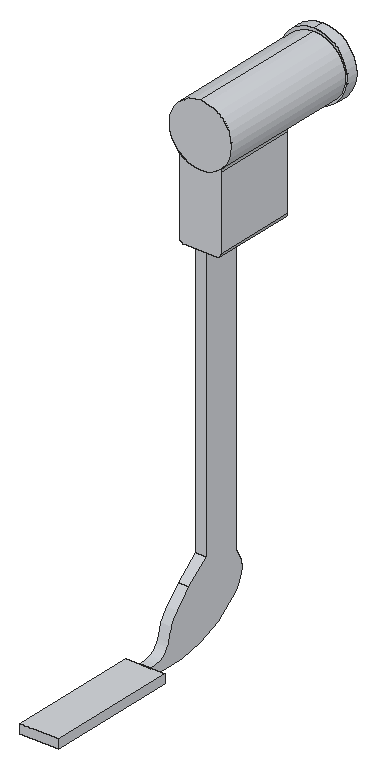
Revit family "HUNTER_RAIN-CLIK", category Electrical Fixtures, host Face, Revit 2017
Family settings
  Host = Face
  Maintain Annotation Orientation = No
  Round Connector Dimension = Use Diameter
  Part Type = Normal
  OmniClass Number = 23.27.11.11.23
  Cut with Voids When Loaded = No
  Shared = Yes
  Room Calculation Point = No
Parameters (values of type "RAIN-CLIK")
  WireType_Range_15_30_Meter = if([20_AWG], 15000 mm, if([18_AWG], 28000 mm, 30000 mm))  # 15000 mm
  16_AWG = no
  18_AWG = no
  20_AWG = yes
  Sensor Length = 180 mm
  Sensor Height = 60 mm
  Freeze Sensor = no
  Distance Coverage = 60000 mm  # constant formula
  URL = "https://www.hunterindustries.com/irrigation-product/sensors/rain-clikr"
  Type Comments = "RAIN-CLIK® Sensor"
  Sensor Wiring = "Wired 7.6m of 0.5mm² sheathed, two-conductor, UL-approved wire"
  Sensor Symbol = yes
  Sensor Coverage Zone = yes
  RAIN-CLIK® Model = "Wired Rain-Clik sensor"
  Power = Current * Input Voltage  # 72 VA
  Model = "RAIN-CLIK"
  Manufacturer = "Hunter® Industries"
  Keynote = "32 84 23.05"
  Input Voltage = 24 V  # constant formula
  Frequency = 433000000 Hz  # constant formula
  Description = "RAIN-CLIK® Wired Rain Sensor with built in Quick Response ™ Technology"
  Default Elevation = 1219.2 mm
  Current = 3 A  # constant formula
  Assembly Code = "G4030100"
Types (2, lengths in mm): name | Freeze Sensor | Type Comments | RAIN-CLIK® Model | Model | Description
  RAIN-CLIK | no | "RAIN-CLIK® Sensor" | "Wired Rain-Clik sensor" | "RAIN-CLIK" | "RAIN-CLIK® Wired Rain Sensor with built in Quick Response ™ Technology"
  RFC | yes | "RFC ® Sensor" | "Wired Rain and Freeze-Clik sensor" | "RFC" | "RFC® Wired Rain and Freeze Sensor with built in Quick Response ™ Technology"
Reference planes
  plane 1 "Center (Front/Back)": y = 0
  plane 2: z = 0
  plane 3 "Center (Left/Right)": x = 0
Dimensions and locks
  aligned and locked: plane 2 to host face
  aligned and locked: level to host face
Nested families
  nested 1: "Rain-Clik" at (0, 0, 0), Freeze Sensor <- "Freeze Sensor", type "Rain-Clik"
    with Freeze Sensor no
  nested 2: "HUNTER RAIN-CLIK SYMBOL" at (0, 0, 350) x (1, 0, 0) z (0, -1, 0), visible <- "Sensor Symbol", type "SYMBOL"
  nested 3: "Coverage Symbol" at (0, 0, 168.529) x (-1, 0, 0) z (0, -1, 0), visible <- "Sensor Coverage Zone", Coverage <- "Distance Coverage", Ext.01 <- "18_AWG", Ext.02 <- "16_AWG", type "Coverage Symbol"
    with Extension_2 82000 mm, Extension_1 67000 mm, Ext.02 no, Ext.01 no, Coverage 60000 mm
Connectors
  electrical at (0, 25.367, 145.134), driven by "Input Voltage", driven by "Power"
    settings: on nested 1, index 2, voltage 24 V, apparent load 72 VA, apparent load phase1 0 VA, apparent load phase2 0 VA, apparent load phase3 0 VA, power factor 1, load classification "Other", number of poles 1, system type 30, power factor state 1, is connector primary yes, connector utility no, sub classification motor no, connector description "Rain Clik"
Definition of nested family "Rain-Clik"
  Parameters (values of type "Rain-Clik")
    Freeze Sensor [instance] = yes
  Reference planes
    plane 1 "Center (Front/Back)": y = 0
    plane 2: z = 0
    plane 3 "Center (Left/Right)": x = 0
  Forms (mm)
    Extrusion 1, solid
      sketch origin (50.918, 25.367, 0) x (0, 0, 1) y (1, 0, 0)
        loop
          line (157.243, -43.298) -> (130.384, -43.298)
          arc (130.384, -43.298) -> (129.323, -43.737) -> (128.884, -44.798) r 1.5
          line (128.884, -44.798) -> (128.884, -57.038)
          arc (128.884, -57.038) -> (129.323, -58.099) -> (130.384, -58.538) r 1.5
          line (130.384, -58.538) -> (157.243, -58.538)
          arc (157.243, -58.538) -> (158.119, -58.725) -> (158.9, -59.163) r 3.005
          arc (158.9, -59.163) -> (156.302, -55.399) -> (155.387, -50.918) r 11.43
          arc (155.387, -50.918) -> (156.302, -46.437) -> (158.9, -42.673) r 11.43
          arc (158.9, -42.673) -> (158.119, -43.11) -> (157.243, -43.298) r 3.005
      from 0 to 30
    Extrusion 2, solid
      sketch origin (50.918, 25.367, 0) x (0, 0, 1) y (1, 0, 0)
        loop
          circle (166.817, -50.918) r 11.43
      from 0 to 56
    Extrusion 3, solid
      sketch origin (50.918, 25.367, 0) x (0, 0, 1) y (1, 0, 0)
        loop
          circle (166.817, -50.918) r 12.43
      from 52 to 56
    Extrusion 4, solid
      sketch origin (0, 25.367, 0) x (0, 0, 1) y (0, 1, 0)
        loop
          line (128.884, 13.714) -> (24.954, 13.714)
          spline (24.954, 13.714) -> (23.877, 14.508) -> (22.792, 15.155) -> (21.7, 15.655) -> (20.601, 16.009) -> (19.495, 16.215) -> (18.381, 16.275) -> (17.26, 16.189) -> (16.132, 15.955) -> (14.997, 15.575) -> (13.854, 15.048) -> (12.703, 14.374) -> (11.546, 13.553)
          line (11.546, 13.553) -> (5.183, 5.182)
          spline (5.183, 5.182) -> (4.517, 3.881) -> (3.893, 2.567) -> (3.311, 1.24) -> (2.773, -0.101) -> (2.277, -1.455) -> (1.824, -2.822) -> (1.413, -4.202) -> (1.045, -5.596) -> (0.72, -7.003) -> (0.437, -8.423) -> (0.197, -9.857) -> (0, -11.304)
          line (0, -11.304) -> (0, -25.367) -> (3.19, -25.367)
          spline (3.19, -25.367) -> (3.447, -22.244) -> (4.195, -20.031) -> (5.322, -18.542) -> (6.713, -17.588) -> (8.256, -16.985) -> (9.84, -16.543) -> (11.437, -16.086) -> (13.116, -15.446) -> (14.951, -14.455) -> (17.017, -12.945) -> (19.387, -10.749) -> (22.136, -7.7)
          line (22.136, -7.7) -> (28.376, 0.51) -> (128.884, 0.51) -> (128.884, 13.714)
      from -2 to 2
    Extrusion 5, solid
      sketch origin (0, 25.367, 0) x (0, 0, 1) y (1, 0, 0)
        loop
          line (3.19, 7) -> (0, 7) -> (0, -7) -> (3.19, -7) -> (3.19, 7)
      from -74.075 to -25.367
    Extrusion 6, solid, visible <- "Freeze Sensor"
      sketch origin (0, 0, 0) x (1, 0, 0) y (0, 0, 1)
        loop
          line (7.62, 130.384) -> (7.62, 158.297)
          arc (7.62, 158.297) -> (10.678, 170.895) -> (0, 178.247) r 11.43
          arc (0, 178.247) -> (-10.678, 170.895) -> (-7.62, 158.297) r 11.43
          line (-7.62, 158.297) -> (-7.62, 130.384)
          arc (-7.62, 130.384) -> (-7.181, 129.323) -> (-6.12, 128.884) r 1.5
          line (-6.12, 128.884) -> (6.12, 128.884)
          arc (6.12, 128.884) -> (7.181, 129.323) -> (7.62, 130.384) r 1.5
      from -25.367 to -15.755
  Dimensions and locks
    aligned and locked: level to plane 2
Definition of nested family "HUNTER RAIN-CLIK SYMBOL"
  Parameters (values of type "SYMBOL")
    Solar Sync Receiver = no
    Solar Sync = no
    Rain Clik Receiver = no
    Rain Clik = yes
    Flow Clik Module = no
    Flow Clik = no
  Reference planes
    plane 1 "Center (Front/Back)": y = 0
    plane 2: z = 0
    plane 3 "Center (Left/Right)": x = 0
  Lines and regions (mm)
    detail lines, in view "Ref. Level"
      curve 1: circle (0, 0, 0) r 150 normal (0, 0, 1)
Definition of nested family "Coverage Symbol"
  Parameters (values of type "Coverage Symbol")
    Extension_2 [instance] = Extension_1 + 15000 mm  # 30000 mm
    Extension_1 [instance] = Coverage + 7000 mm  # 15000 mm
    Ext.02 [instance] = yes
    Ext.01 [instance] = yes
    Coverage [instance] = 8000 mm
  Reference planes
    plane 1 "Center (Front/Back)": y = 0
    plane 2: z = 0
    plane 3 "Center (Left/Right)": x = 0
  Lines and regions (mm)
    Filled region 1, type "Concrete", in view "Ref. Level"
      outline origin (0, 0, 0) x (1, 0, 0) y (0, 1, 0)
        loop
          circle (0, 0) r 8000
    Filled region 2, type "Concrete 2", in view "Ref. Level", visible <- "Ext.01"
      outline origin (0, 0, 0) x (1, 0, 0) y (0, 1, 0)
        loop
          circle (0, 0) r 8000
        loop
          circle (0, 0) r 15000
    Filled region 3, type "Concrete 3", in view "Ref. Level", visible <- "Ext.02"
      outline origin (0, 0, 0) x (1, 0, 0) y (0, 1, 0)
        loop
          circle (0, 0) r 15000
        loop
          circle (0, 0) r 30000
  Dimensions and locks
    "Coverage": radius of Filled region 1 sketch curve
    "Coverage": radius of Filled region 2 sketch curve
    "Extension_1": radius of Filled region 2 sketch curve
    "Extension_1": radius of Filled region 3 sketch curve
    "Extension_2": radius of Filled region 3 sketch curve
  Automatic sketch dimensions
    plane 1 "Center (Front/Back)" to Filled region 1 sketch curve = 0 mm
    Filled region 1 sketch curve to plane 3 "Center (Left/Right)" = 0 mm
    Filled region 2 sketch curve to Filled region 2 sketch curve = 0 mm  (x6)
    Filled region 2 sketch curve to plane 1 "Center (Front/Back)" = 0 mm
    Filled region 2 sketch curve to plane 3 "Center (Left/Right)" = 0 mm
    Filled region 3 sketch curve to Filled region 3 sketch curve = 0 mm  (x6)
    Filled region 3 sketch curve to plane 1 "Center (Front/Back)" = 0 mm
    Filled region 3 sketch curve to plane 3 "Center (Left/Right)" = 0 mm
